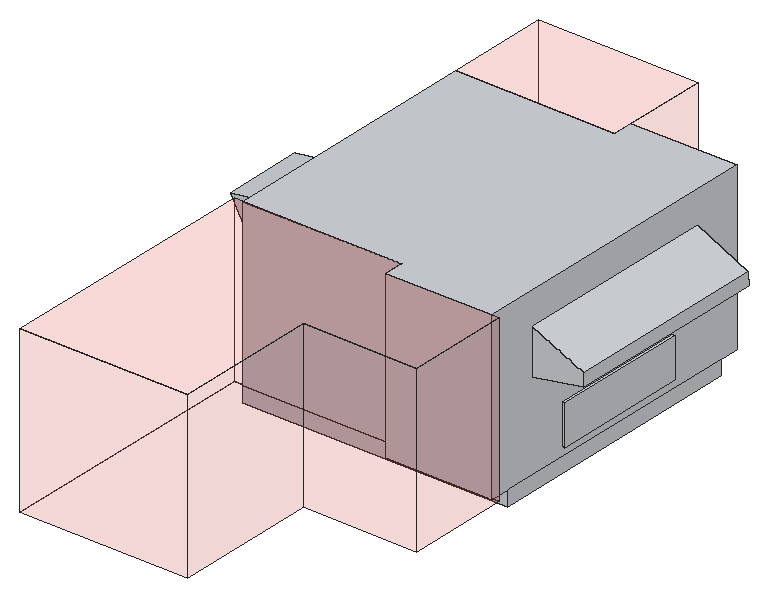
Revit family
Parameters (values of type "575 V Three Phase")
  XS4 [instance] = "XS4"
  XS3 [instance] = "XS3"
  XP5 [instance] = "XP5"
  XP4 [instance] = "XP4"
  XP3 [instance] = "XP3"
  XH5 [instance] = "XH5"
  XH4 [instance] = "XH4"
  XH3 [instance] = "XH3"
  XD4 [instance] = "XD4"
  XD3 [instance] = "XD3"
  XB6 [instance] = "XB6"
  XB4 [instance] = "XB4"
  XB3 [instance] = "XB3"
  Winter Exhaust RH Scheduled [instance] = 35
  Winter Exhaust DB Scheduled [instance] = 70
  Weight Scheduled [instance] = 1100
  Voltage Workaround = Voltage / 1 V  # 575
  Voltage Scheduled = Voltage  # 575 V
  Voltage = 575 V
  VoltAmps Workaround [instance] = Voltage Workaround * Total FLA * sqrt(Phase)  # 13743.8232
  VoltAmps [instance] = VoltAmps Workaround * 1 VA  # 13743.8 VA
  URL = "http://www.renewaire.com/products/doas/outdoor-models/rd4xrt"
  Total FLA [instance] = Supply Motor FLA + Exhaust Motor FLA  # 13.8
  Supply Motor HP Scheduled [instance] = Supply Motor HP  # 5
  Supply Motor HP [instance] = 5  # constant formula
  Supply Motor FLA [instance] = if(or(Voltage = 208 V, Voltage = 230 V), 18.6, if(Voltage = 460 V, 9.3, if(Voltage = 575 V, 6.9, 0)))  # 6.9
  Supply Motor Count Scheduled [instance] = Supply Motor Count  # 1
  Supply Motor Count [instance] = 1  # constant formula
  Supply ESP Scheduled [instance] = Supply ESP  # 1
  Supply ESP [instance] = 1
  Supply CFM Scheduled [instance] = Supply CFM  # 1600 CFM
  Supply CFM [instance] = 1600 CFM
  Supply Air Winter WB Scheduled [instance] = 0
  Supply Air Winter RH Scheduled [instance] = 0
  Supply Air Winter DB Scheduled [instance] = 0
  Supply Air Summer WB Scheduled [instance] = 0
  Supply Air Summer RH Scheduled [instance] = 0
  Supply Air Summer DB Scheduled [instance] = 0
  Summer Exhaust RH Scheduled [instance] = 50
  Summer Exhaust DB Scheduled [instance] = 75
  SD5 [instance] = "SD5"
  SD4 [instance] = "SD4"
  SD3 [instance] = "SD3"
  SC5 [instance] = "SC5"
  SC4 [instance] = "SC4"
  SC3 [instance] = "SC3"
  Phase Scheduled = Phase  # 3
  Phase = 3
  Outside Air Winter WB Scheduled [instance] = -1
  Outside Air Winter DB Scheduled [instance] = 0
  Outside Air Summer WB Scheduled [instance] = 78
  Outside Air Summer DB Scheduled [instance] = 95
  Number of Poles = 3
  No Coil [instance] = "--"
  Model = "RD4XRT"
  Manufacturer = "RenewAire"
  MOCP Scheduled [instance] = MOCP  # 20
  MOCP [instance] = if(and(or(Voltage = 208 V, Voltage = 230 V), Phase = 1), 50, if(and(Voltage = 460 V, Phase = 3), 25, if(and(Voltage = 575 V, Phase = 3), 20, 0)))  # 20
  MCA Scheduled [instance] = MCA  # 15.5
  MCA [instance] = if(and(or(Voltage = 208 V, Voltage = 230 V), Phase = 1), 41.8, if(and(Voltage = 460 V, Phase = 3), 20.9, if(and(Voltage = 575 V, Phase = 3), 15.5, 0)))  # 15.5
  Heating Water EWT Scheduled [instance] = Heating Coil EWT  # 180
  Heating Coil Scheduled [instance] = if(Heat Coil XB6, XB6, if(Heat Coil DV6, DV6, if(Heat Coil XB4, XB4, if(Heat Coil DV4, DV4, if(Heat Coil XB3, XB3, if(Heat Coil DV3, DV3, if(Heat Coil SC5, SC5, if(Heat Coil SD5, SD5, if(Heat Coil SC4, SC4, if(Heat Coil SD4, SD4, if(Heat Coil SC3, SC3, if(Heat Coil SD3, SD3, if(Heat Coil HW1, HW1, No Coil)))))))))))))  # "--"
  Heating Coil PD Scheduled [instance] = if(and(and(Winter Exhaust DB Scheduled = 70, Winter Exhaust RH Scheduled = 35), and(Outside Air Winter WB Scheduled = -1, Outside Air Winter DB Scheduled = 0)), if(or(Heat Coil SC5, Heat Coil SD5), if(Heating Water EWT Scheduled = 140, if(Supply CFM > 4000 CFM, 0, if(Supply CFM > 3000 CFM, 0.6, if(Supply CFM > 2000 CFM, 0.6, 0.6))), if(Heating Water EWT Scheduled = 180, if(Supply CFM > 4000 CFM, 0, if(Supply CFM > 3000 CFM, 0.6, if(Supply CFM > 2000 CFM, 0.6, 0.6))), 0)), if(or(Heat Coil SC4, Heat Coil SD4), if(Heating Water EWT Scheduled = 140, if(Supply CFM > 4000 CFM, 0, if(Supply CFM > 3000 CFM, 1.4, if(Supply CFM > 2000 CFM, 1.4, 1.4))), if(Heating Water EWT Scheduled = 180, if(Supply CFM > 4000 CFM, 0, if(Supply CFM > 3000 CFM, 1.4, if(Supply CFM > 2000 CFM, 1.4, 1.3))), 0)), if(or(Heat Coil SC3, Heat Coil SD3), if(Heating Water EWT Scheduled = 140, if(Supply CFM > 4000 CFM, 0, if(Supply CFM > 3000 CFM, 0.4, if(Supply CFM > 2000 CFM, 0.4, 0.4))), if(Heating Water EWT Scheduled = 180, if(Supply CFM > 4000 CFM, 0, if(Supply CFM > 3000 CFM, 0.4, if(Supply CFM > 2000 CFM, 0.4, 0.4))), 0)), if(Heat Coil HW1, if(Heating Water EWT Scheduled = 140, if(Supply CFM > 4000 CFM, 0, if(Supply CFM > 3000 CFM, 5.8, if(Supply CFM > 2000 CFM, 5.8, 5.8))), if(Heating Water EWT Scheduled = 180, if(Supply CFM > 4000 CFM, 0, if(Supply CFM > 3000 CFM, 5.7, if(Supply CFM > 2000 CFM, 5.7, 5.7))), 0)), 0)))), 0)  # 0
  Heating Coil Load Scheduled [instance] = if(and(and(Winter Exhaust DB Scheduled = 70, Winter Exhaust RH Scheduled = 35), and(Outside Air Winter WB Scheduled = -1, Outside Air Winter DB Scheduled = 0)), if(or(Heat Coil XB6, Heat Coil DV6), if(Supply CFM > 4000 CFM, 0, if(Supply CFM > 3000 CFM, 252, if(Supply CFM > 2000 CFM, 189, 131))), if(or(Heat Coil XB4, Heat Coil DV4), if(Supply CFM > 4000 CFM, 0, if(Supply CFM > 3000 CFM, 227, if(Supply CFM > 2000 CFM, 169, 137))), if(or(Heat Coil XB3, Heat Coil DV3), if(Supply CFM > 4000 CFM, 0, if(Supply CFM > 3000 CFM, 0, if(Supply CFM > 2000 CFM, 190, 126))), if(or(Heat Coil SC5, Heat Coil SD5), if(Heating Water EWT Scheduled = 140, if(Supply CFM > 4000 CFM, 0, if(Supply CFM > 3000 CFM, 310, if(Supply CFM > 2000 CFM, 245, 171))), if(Heating Water EWT Scheduled = 180, if(Supply CFM > 4000 CFM, 0, if(Supply CFM > 3000 CFM, 447, if(Supply CFM > 2000 CFM, 357, 251))), 0)), if(or(Heat Coil SC4, Heat Coil SD4), if(Heating Water EWT Scheduled = 140, if(Supply CFM > 4000 CFM, 0, if(Supply CFM > 3000 CFM, 294, if(Supply CFM > 2000 CFM, 234, 164))), if(Heating Water EWT Scheduled = 180, if(Supply CFM > 4000 CFM, 0, if(Supply CFM > 3000 CFM, 424, if(Supply CFM > 2000 CFM, 340, 241))), 0)), if(or(Heat Coil SC3, Heat Coil SD3), if(Heating Water EWT Scheduled = 140, if(Supply CFM > 4000 CFM, 0, if(Supply CFM > 3000 CFM, 256, if(Supply CFM > 2000 CFM, 208, 151))), if(Heating Water EWT Scheduled = 180, if(Supply CFM > 4000 CFM, 0, if(Supply CFM > 3000 CFM, 371, if(Supply CFM > 2000 CFM, 304, 223))), 0)), if(Heat Coil HW1, if(Heating Water EWT Scheduled = 140, if(Supply CFM > 4000 CFM, 0, if(Supply CFM > 3000 CFM, 158, if(Supply CFM > 2000 CFM, 135, 106))), if(Heating Water EWT Scheduled = 180, if(Supply CFM > 4000 CFM, 0, if(Supply CFM > 3000 CFM, 229, if(Supply CFM > 2000 CFM, 197, 157))), 0)), 0))))))), 0)  # 0
  Heating Coil LWT [instance] = 0
  Heating Coil LAT Scheduled [instance] = if(and(and(Winter Exhaust DB Scheduled = 70, Winter Exhaust RH Scheduled = 35), and(Outside Air Winter WB Scheduled = -1, Outside Air Winter DB Scheduled = 0)), if(or(Heat Coil XB6, Heat Coil DV6), if(Supply CFM > 4000 CFM, 0, if(Supply CFM > 3000 CFM, 104, if(Supply CFM > 2000 CFM, 107.6, 113.8))), if(or(Heat Coil XB4, Heat Coil DV4), if(Supply CFM > 4000 CFM, 0, if(Supply CFM > 3000 CFM, 98.3, if(Supply CFM > 1000 CFM, 101.7, 116.6))), if(or(Heat Coil XB3, Heat Coil DV3), if(Supply CFM > 4000 CFM, 0, if(Supply CFM > 3000 CFM, 0, if(Supply CFM > 2000 CFM, 107.9, 111.6))), if(or(Heat Coil SC5, Heat Coil SD5), if(Heating Water EWT Scheduled = 140, if(Supply CFM > 4000 CFM, 0, if(Supply CFM > 3000 CFM, 117.4, if(Supply CFM > 2000 CFM, 125.1, 132.2))), if(Heating Water EWT Scheduled = 180, if(Supply CFM > 4000 CFM, 0, if(Supply CFM > 3000 CFM, 149, if(Supply CFM > 2000 CFM, 159.4, 169.2))), 0)), if(or(Heat Coil SC4, Heat Coil SD4), if(Heating Water EWT Scheduled = 140, if(Supply CFM > 4000 CFM, 0, if(Supply CFM > 3000 CFM, 113.9, if(Supply CFM > 2000 CFM, 121.5, 129))), if(Heating Water EWT Scheduled = 180, if(Supply CFM > 4000 CFM, 0, if(Supply CFM > 3000 CFM, 143.7, if(Supply CFM > 2000 CFM, 154.1, 164.4))), 0)), if(or(Heat Coil SC3, Heat Coil SD3), if(Heating Water EWT Scheduled = 140, if(Supply CFM > 4000 CFM, 0, if(Supply CFM > 3000 CFM, 105, if(Supply CFM > 2000 CFM, 113.7, 123.2))), if(Heating Water EWT Scheduled = 180, if(Supply CFM > 4000 CFM, 0, if(Supply CFM > 3000 CFM, 131.5, if(Supply CFM > 2000 CFM, 143.2, 156.4))), 0)), if(Heat Coil HW1, if(Heating Water EWT Scheduled = 140, if(Supply CFM > 4000 CFM, 0, if(Supply CFM > 3000 CFM, 82.4, if(Supply CFM > 2000 CFM, 91, 102.3))), if(Heating Water EWT Scheduled = 180, if(Supply CFM > 4000 CFM, 0, if(Supply CFM > 3000 CFM, 98.7, if(Supply CFM > 2000 CFM, 110.1, 125.6))), 0)), 0))))))), 0)  # 0
  Heating Coil Fluid Type Scheduled [instance] = ""
  Heating Coil Flow Rate Scheduled [instance] = if(and(and(Winter Exhaust DB Scheduled = 70, Winter Exhaust RH Scheduled = 35), and(Outside Air Winter WB Scheduled = -1, Outside Air Winter DB Scheduled = 0)), if(or(Heat Coil SC5, Heat Coil SD5), if(Heating Water EWT Scheduled = 140, if(Supply CFM > 4000 CFM, 0, if(Supply CFM > 3000 CFM, 12.2, if(Supply CFM > 2000 CFM, 12.2, 12.2))), if(Heating Water EWT Scheduled = 180, if(Supply CFM > 4000 CFM, 0, if(Supply CFM > 3000 CFM, 12.3, if(Supply CFM > 2000 CFM, 12.3, 12.3))), 0)), if(or(Heat Coil SC4, Heat Coil SD4), if(Heating Water EWT Scheduled = 140, if(Supply CFM > 4000 CFM, 0, if(Supply CFM > 3000 CFM, 12.2, if(Supply CFM > 2000 CFM, 12.2, 12.2))), if(Heating Water EWT Scheduled = 180, if(Supply CFM > 4000 CFM, 0, if(Supply CFM > 3000 CFM, 12.3, if(Supply CFM > 2000 CFM, 12.3, 12.3))), 0)), if(or(Heat Coil SC3, Heat Coil SD3), if(Heating Water EWT Scheduled = 140, if(Supply CFM > 4000 CFM, 0, if(Supply CFM > 3000 CFM, 12.2, if(Supply CFM > 2000 CFM, 12.2, 12.2))), if(Heating Water EWT Scheduled = 180, if(Supply CFM > 4000 CFM, 0, if(Supply CFM > 3000 CFM, 12.3, if(Supply CFM > 2000 CFM, 12.3, 12.3))), 0)), if(Heat Coil HW1, if(Heating Water EWT Scheduled = 140, if(Supply CFM > 4000 CFM, 0, if(Supply CFM > 3000 CFM, 12.2, if(Supply CFM > 2000 CFM, 12.2, 12.2))), if(Heating Water EWT Scheduled = 180, if(Supply CFM > 4000 CFM, 0, if(Supply CFM > 3000 CFM, 12.3, if(Supply CFM > 2000 CFM, 12.3, 12.3))), 0)), 0)))), 0)  # 0
  Heating Coil EWT [instance] = 180
  Heat Coil XS4 [instance] = no
  Heat Coil XS3 [instance] = no
  Heat Coil XD4 [instance] = no
  Heat Coil XD3 [instance] = no
  Heat Coil XB6 [instance] = no
  Heat Coil XB4 [instance] = no
  Heat Coil XB3 [instance] = no
  Heat Coil SD5 [instance] = no
  Heat Coil SD4 [instance] = no
  Heat Coil SD3 [instance] = no
  Heat Coil SC5 [instance] = no
  Heat Coil SC4 [instance] = no
  Heat Coil SC3 [instance] = no
  Heat Coil HW1 [instance] = no
  Heat Coil DV6 [instance] = no
  Heat Coil DV4 [instance] = no
  Heat Coil DV3 [instance] = no
  HW1 [instance] = "HW1"
  HP4 [instance] = "HP4"
  HP3 [instance] = "HP3"
  FLA Scheduled [instance] = Total FLA  # 13.8
  Exhaust Motor HP Scheduled [instance] = Exhaust Motor HP  # 5
  Exhaust Motor HP [instance] = 5  # constant formula
  Exhaust Motor FLA [instance] = if(or(Voltage = 208 V, Voltage = 230 V), 18.6, if(Voltage = 460 V, 9.3, if(Voltage = 575 V, 6.9, 0)))  # 6.9
  Exhaust Motor Count Scheduled [instance] = Exhaust Motor Count  # 1
  Exhaust Motor Count [instance] = 1  # constant formula
  Exhaust ESP Scheduled [instance] = Exhaust ESP  # 1
  Exhaust ESP [instance] = 1
  Exhaust CFM Scheduled [instance] = Exhaust CFM  # 1500 CFM
  Exhaust CFM [instance] = 1500 CFM
  Enthalpy Effect Winter Scheduled [instance] = 0
  Enthalpy Effect Summer Scheduled [instance] = 0
  Effectiveness Total Winter Scheduled [instance] = 0
  Effectiveness Total Summer Scheduled [instance] = 0
  Effectiveness Sensible Winter Scheduled [instance] = 0
  Effectiveness Sensible Summer Scheduled [instance] = 0
  DX5 [instance] = "DX5"
  DX4 [instance] = "DX4"
  DX3 [instance] = "DX3"
  DV6 [instance] = "DV6"
  DV4 [instance] = "DV4"
  DV3 [instance] = "DV3"
  DU4 [instance] = "DU4"
  DU3 [instance] = "DU3"
  DP4 [instance] = "DP4"
  DP3 [instance] = "DP3"
  DH4 [instance] = "DH4"
  DH3 [instance] = "DH3"
  DD5 [instance] = "DD5"
  DD4 [instance] = "DD4"
  DD3 [instance] = "DD3"
  Cooling Coil Scheduled [instance] = if(Cool Coil DX5, DX5, if(Cool Coil DD5, DD5, if(Cool Coil XH5, XH5, if(Cool Coil XP5, XP5, if(Cool Coil DX4, DX4, if(Cool Coil DD4, DD4, if(Cool Coil XH4, XH4, if(Cool Coil XP4, XP4, if(Cool Coil DX3, DX3, if(Cool Coil DD3, DD3, if(Cool Coil XH3, XH3, if(Cool Coil XP3, XP3, if(Cool Coil DU4, DU4, if(Cool Coil DH4, DH4, if(Cool Coil DP4, DP4, if(Cool Coil HP4, HP4, if(Cool Coil DU3, DU3, if(Cool Coil DH3, DH3, if(Cool Coil DP3, DP3, if(Cool Coil HP3, HP3, if(Cool Coil XB6, XB6, if(Cool Coil DV6, DV6, if(Cool Coil XB4, XB4, if(Cool Coil DV4, DV4, if(Cool Coil XB3, XB3, if(Cool Coil DV3, DV3, if(Cool Coil CW5, CW5, if(Cool Coil CD5, CD5, if(Cool Coil CH5, CH5, if(Cool Coil BD5, BD5, if(Cool Coil SC5, SC5, if(Cool Coil SD5, SD5, if(Cool Coil CW4, CW4, if(Cool Coil CD4, CD4, if(Cool Coil CH4, CH4, if(Cool Coil BD4, BD4, if(Cool Coil SC4, SC4, if(Cool Coil SD4, SD4, if(Cool Coil CW3, CW3, if(Cool Coil CD3, CD3, if(Cool Coil CH3, CH3, if(Cool Coil BD3, BD3, if(Cool Coil SC3, SC3, if(Cool Coil SD3, SD3, No Coil))))))))))))))))))))))))))))))))))))))))))))  # "--"
  Cooling Coil PD [instance] = if(and(Summer Exhaust DB Scheduled = 75, Summer Exhaust RH Scheduled = 50), if(or(Cool Coil CW5, or(Cool Coil CD5, or(Cool Coil CH5, or(Cool Coil BD5, or(Cool Coil SC5, Cool Coil SD5))))), if(and(Outside Air Summer DB Scheduled = 95, Outside Air Summer WB Scheduled = 78), if(Supply CFM > 4000 CFM, 0, if(Supply CFM > 3000 CFM, 3.5, if(Supply CFM > 2000 CFM, 3.5, 1.7))), if(and(Outside Air Summer DB Scheduled = 88, Outside Air Summer WB Scheduled = 77), if(Supply CFM > 4000 CFM, 0, if(Supply CFM > 3000 CFM, 3.5, if(Supply CFM > 2000 CFM, 3.5, 1.7))), 0)), if(or(Cool Coil CW4, or(Cool Coil CD4, or(Cool Coil CH4, or(Cool Coil BD4, or(Cool Coil SC4, Cool Coil SD4))))), if(and(Outside Air Summer DB Scheduled = 95, Outside Air Summer WB Scheduled = 78), if(Supply CFM > 4000 CFM, 0, if(Supply CFM > 3000 CFM, 8.5, if(Supply CFM > 2000 CFM, 8.6, 4.1))), if(and(Outside Air Summer DB Scheduled = 88, Outside Air Summer WB Scheduled = 77), if(Supply CFM > 4000 CFM, 0, if(Supply CFM > 3000 CFM, 8.5, if(Supply CFM > 2000 CFM, 8.6, 4.1))), 0)), if(or(Cool Coil CW3, or(Cool Coil CD3, or(Cool Coil CH3, or(Cool Coil BD3, or(Cool Coil SC3, Cool Coil SD3))))), if(and(Outside Air Summer DB Scheduled = 95, Outside Air Summer WB Scheduled = 78), if(Supply CFM > 4000 CFM, 0, if(Supply CFM > 3000 CFM, 2.3, if(Supply CFM > 2000 CFM, 2.3, 2.3))), if(and(Outside Air Summer DB Scheduled = 88, Outside Air Summer WB Scheduled = 77), if(Supply CFM > 4000 CFM, 0, if(Supply CFM > 3000 CFM, 2.3, if(Supply CFM > 2000 CFM, 2.3, 2.3))), 0)), 0))), 0)  # 0
  Cooling Coil Load Scheduled [instance] = if(and(Summer Exhaust DB Scheduled = 75, Summer Exhaust RH Scheduled = 50), if(or(Cool Coil DX5, or(Cool Coil DD5, or(Cool Coil XH5, Cool Coil XP5))), if(and(Outside Air Summer DB Scheduled = 95, Outside Air Summer WB Scheduled = 78), if(Supply CFM > 4000 CFM, 0, if(Supply CFM > 3000 CFM, 269, if(Supply CFM > 2000 CFM, 211, 148))), if(and(Outside Air Summer DB Scheduled = 88, Outside Air Summer WB Scheduled = 77), if(Supply CFM > 4000 CFM, 0, if(Supply CFM > 3000 CFM, 268, if(Supply CFM > 2000 CFM, 211, 147))), 0)), if(or(Cool Coil DX4, or(Cool Coil DD4, or(Cool Coil XH4, Cool Coil XP4))), if(and(Outside Air Summer DB Scheduled = 95, Outside Air Summer WB Scheduled = 78), if(Supply CFM > 4000 CFM, 0, if(Supply CFM > 3000 CFM, 260, if(Supply CFM > 2000 CFM, 204, 144))), if(and(Outside Air Summer DB Scheduled = 88, Outside Air Summer WB Scheduled = 77), if(Supply CFM > 4000 CFM, 0, if(Supply CFM > 3000 CFM, 259, if(Supply CFM > 2000 CFM, 204, 142))), 0)), if(or(Cool Coil DX3, or(Cool Coil DD3, or(Cool Coil XH3, Cool Coil XP3))), if(and(Outside Air Summer DB Scheduled = 95, Outside Air Summer WB Scheduled = 78), if(Supply CFM > 4000 CFM, 0, if(Supply CFM > 3000 CFM, 243, 191)), if(and(Outside Air Summer DB Scheduled = 88, Outside Air Summer WB Scheduled = 77), if(Supply CFM > 4000 CFM, 0, if(Supply CFM > 3000 CFM, 242, 190)), 0)), if(or(Cool Coil DU4, or(Cool Coil DH4, or(Cool Coil DP4, Cool Coil HP4))), if(and(Outside Air Summer DB Scheduled = 95, Outside Air Summer WB Scheduled = 78), if(Supply CFM > 4000 CFM, 0, if(Supply CFM > 3000 CFM, 266, if(Supply CFM > 2000 CFM, 208, 146))), if(and(Outside Air Summer DB Scheduled = 88, Outside Air Summer WB Scheduled = 77), if(Supply CFM > 4000 CFM, 0, if(Supply CFM > 3000 CFM, 265, if(Supply CFM > 2000 CFM, 207, 144))), 0)), if(or(Cool Coil DU3, or(Cool Coil DH3, or(Cool Coil DP3, Cool Coil HP3))), if(and(Outside Air Summer DB Scheduled = 95, Outside Air Summer WB Scheduled = 78), if(Supply CFM > 4000 CFM, 0, if(Supply CFM > 3000 CFM, 232, if(Supply CFM > 2000 CFM, 183, 130))), if(and(Outside Air Summer DB Scheduled = 88, Outside Air Summer WB Scheduled = 77), if(Supply CFM > 4000 CFM, 0, if(Supply CFM > 3000 CFM, 231, if(Supply CFM > 2000 CFM, 182, 129))), 0)), if(or(Cool Coil XB6, Cool Coil DV6), if(and(Outside Air Summer DB Scheduled = 95, Outside Air Summer WB Scheduled = 78), if(Supply CFM > 4000 CFM, 0, if(Supply CFM > 3000 CFM, 275, if(Supply CFM > 2000 CFM, 214, 149))), if(and(Outside Air Summer DB Scheduled = 88, Outside Air Summer WB Scheduled = 77), if(Supply CFM > 4000 CFM, 0, if(Supply CFM > 3000 CFM, 273, if(Supply CFM > 2000 CFM, 213, 147))), 0)), if(or(Cool Coil XB4, Cool Coil DV4), if(and(Outside Air Summer DB Scheduled = 95, Outside Air Summer WB Scheduled = 78), if(Supply CFM > 4000 CFM, 0, if(Supply CFM > 3000 CFM, 257, if(Supply CFM > 2000 CFM, 200, 141))), if(and(Outside Air Summer DB Scheduled = 88, Outside Air Summer WB Scheduled = 77), if(Supply CFM > 4000 CFM, 0, if(Supply CFM > 3000 CFM, 256, if(Supply CFM > 2000 CFM, 199, 140))), 0)), if(or(Cool Coil XB3, Cool Coil DV3), if(and(Outside Air Summer DB Scheduled = 95, Outside Air Summer WB Scheduled = 78), if(Supply CFM > 3000 CFM, 0, if(Supply CFM > 2000 CFM, 186, 135)), if(and(Outside Air Summer DB Scheduled = 88, Outside Air Summer WB Scheduled = 77), if(Supply CFM > 3000 CFM, 0, if(Supply CFM > 2000 CFM, 186, 134)), 0)), if(or(Cool Coil CW5, or(Cool Coil CD5, or(Cool Coil CH5, or(Cool Coil BD5, or(Cool Coil SC5, Cool Coil SD5))))), if(and(Outside Air Summer DB Scheduled = 95, Outside Air Summer WB Scheduled = 78), if(Supply CFM > 4000 CFM, 0, if(Supply CFM > 3000 CFM, 225, if(Supply CFM > 2000 CFM, 184, 124))), if(and(Outside Air Summer DB Scheduled = 88, Outside Air Summer WB Scheduled = 77), if(Supply CFM > 4000 CFM, 0, if(Supply CFM > 3000 CFM, 225, if(Supply CFM > 2000 CFM, 184, 123))), 0)), if(or(Cool Coil CW4, or(Cool Coil CD4, or(Cool Coil CH4, or(Cool Coil BD4, or(Cool Coil SC4, Cool Coil SD4))))), if(and(Outside Air Summer DB Scheduled = 95, Outside Air Summer WB Scheduled = 78), if(Supply CFM > 4000 CFM, 0, if(Supply CFM > 3000 CFM, 215, if(Supply CFM > 2000 CFM, 176, 119))), if(and(Outside Air Summer DB Scheduled = 88, Outside Air Summer WB Scheduled = 77), if(Supply CFM > 4000 CFM, 0, if(Supply CFM > 3000 CFM, 214, if(Supply CFM > 2000 CFM, 175, 118))), 0)), if(or(Cool Coil CW3, or(Cool Coil CD3, or(Cool Coil CH3, or(Cool Coil BD3, or(Cool Coil SC3, Cool Coil SD3))))), if(and(Outside Air Summer DB Scheduled = 95, Outside Air Summer WB Scheduled = 78), if(Supply CFM > 4000 CFM, 0, if(Supply CFM > 3000 CFM, 179, if(Supply CFM > 2000 CFM, 150, 113))), if(and(Outside Air Summer DB Scheduled = 88, Outside Air Summer WB Scheduled = 77), if(Supply CFM > 4000 CFM, 0, if(Supply CFM > 3000 CFM, 178, if(Supply CFM > 2000 CFM, 149, 113))), 0)), 0))))))))))), 0)  # 0
  Cooling Coil LWT [instance] = 55
  Cooling Coil LAT Scheduled [instance] = if(and(Summer Exhaust DB Scheduled = 75, Summer Exhaust RH Scheduled = 50), if(or(Cool Coil DX5, or(Cool Coil DD5, or(Cool Coil XH5, Cool Coil XP5))), if(and(Outside Air Summer DB Scheduled = 95, Outside Air Summer WB Scheduled = 78), if(Supply CFM > 4000 CFM, 0, if(Supply CFM > 3000 CFM, 51.8, if(Supply CFM > 2000 CFM, 48.9, 45.7))), if(and(Outside Air Summer DB Scheduled = 88, Outside Air Summer WB Scheduled = 77), if(Supply CFM > 4000 CFM, 0, if(Supply CFM > 3000 CFM, 51.7, if(Supply CFM > 2000 CFM, 48.8, 45.6))), 0)), if(or(Cool Coil DX4, or(Cool Coil DD4, or(Cool Coil XH4, Cool Coil XP4))), if(and(Outside Air Summer DB Scheduled = 95, Outside Air Summer WB Scheduled = 78), if(Supply CFM > 4000 CFM, 0, if(Supply CFM > 3000 CFM, 52.7, if(Supply CFM > 2000 CFM, 49.9, 46.7))), if(and(Outside Air Summer DB Scheduled = 88, Outside Air Summer WB Scheduled = 77), if(Supply CFM > 4000 CFM, 0, if(Supply CFM > 3000 CFM, 52.6, if(Supply CFM > 2000 CFM, 49.8, 46.6))), 0)), if(or(Cool Coil DX3, or(Cool Coil DD3, or(Cool Coil XH3, Cool Coil XP3))), if(and(Outside Air Summer DB Scheduled = 95, Outside Air Summer WB Scheduled = 78), if(Supply CFM > 4000 CFM, 0, if(Supply CFM > 3000 CFM, 54.4, 51.8)), if(and(Outside Air Summer DB Scheduled = 88, Outside Air Summer WB Scheduled = 77), if(Supply CFM > 4000 CFM, 0, if(Supply CFM > 3000 CFM, 54.3, 51.7)), 0)), if(or(Cool Coil DU4, or(Cool Coil DH4, or(Cool Coil DP4, Cool Coil HP4))), if(and(Outside Air Summer DB Scheduled = 95, Outside Air Summer WB Scheduled = 78), if(Supply CFM > 4000 CFM, 0, if(Supply CFM > 3000 CFM, 52.1, if(Supply CFM > 2000 CFM, 49.3, 46.2))), if(and(Outside Air Summer DB Scheduled = 88, Outside Air Summer WB Scheduled = 77), if(Supply CFM > 4000 CFM, 0, if(Supply CFM > 3000 CFM, 52, if(Supply CFM > 2000 CFM, 49.3, 46.1))), 0)), if(or(Cool Coil DU3, or(Cool Coil DH3, or(Cool Coil DP3, Cool Coil HP3))), if(and(Outside Air Summer DB Scheduled = 95, Outside Air Summer WB Scheduled = 78), if(Supply CFM > 4000 CFM, 0, if(Supply CFM > 3000 CFM, 55.8, if(Supply CFM > 2000 CFM, 53.1, 49.7))), if(and(Outside Air Summer DB Scheduled = 88, Outside Air Summer WB Scheduled = 77), if(Supply CFM > 4000 CFM, 0, if(Supply CFM > 3000 CFM, 55.6, if(Supply CFM > 2000 CFM, 52.9, 49.6))), 0)), if(or(Cool Coil XB6, Cool Coil DV6), if(and(Outside Air Summer DB Scheduled = 95, Outside Air Summer WB Scheduled = 78), if(Supply CFM > 4000 CFM, 0, if(Supply CFM > 3000 CFM, 51.5, if(Supply CFM > 2000 CFM, 48.7, 45.6))), if(and(Outside Air Summer DB Scheduled = 88, Outside Air Summer WB Scheduled = 77), if(Supply CFM > 4000 CFM, 0, if(Supply CFM > 3000 CFM, 51.3, if(Supply CFM > 2000 CFM, 48.6, 45.6))), 0)), if(or(Cool Coil XB4, Cool Coil DV4), if(and(Outside Air Summer DB Scheduled = 95, Outside Air Summer WB Scheduled = 78), if(Supply CFM > 4000 CFM, 0, if(Supply CFM > 3000 CFM, 53.2, if(Supply CFM > 2000 CFM, 50.6, 47.3))), if(and(Outside Air Summer DB Scheduled = 88, Outside Air Summer WB Scheduled = 77), if(Supply CFM > 4000 CFM, 0, if(Supply CFM > 2000 CFM, 53, if(Supply CFM > 2000 CFM, 50.5, 47.2))), 0)), if(or(Cool Coil XB3, Cool Coil DV3), if(and(Outside Air Summer DB Scheduled = 95, Outside Air Summer WB Scheduled = 78), if(Supply CFM > 3000 CFM, 0, if(Supply CFM > 2000 CFM, 52.6, 48.7)), if(and(Outside Air Summer DB Scheduled = 88, Outside Air Summer WB Scheduled = 77), if(Supply CFM > 3000 CFM, 0, if(Supply CFM > 2000 CFM, 52.4, 48.6)), 0)), if(or(Cool Coil CW5, or(Cool Coil CD5, or(Cool Coil CH5, or(Cool Coil BD5, or(Cool Coil SC5, Cool Coil SD5))))), if(and(Outside Air Summer DB Scheduled = 95, Outside Air Summer WB Scheduled = 78), if(Supply CFM > 4000 CFM, 0, if(Supply CFM > 3000 CFM, 55.7, if(Supply CFM > 2000 CFM, 52.4, 50.7))), if(and(Outside Air Summer DB Scheduled = 88, Outside Air Summer WB Scheduled = 77), if(Supply CFM > 4000 CFM, 0, if(Supply CFM > 3000 CFM, 55.5, if(Supply CFM > 2000 CFM, 52.3, 50.6))), 0)), if(or(Cool Coil CW4, or(Cool Coil CD4, or(Cool Coil CH4, or(Cool Coil BD4, or(Cool Coil SC4, Cool Coil SD4))))), if(and(Outside Air Summer DB Scheduled = 95, Outside Air Summer WB Scheduled = 78), if(Supply CFM > 4000 CFM, 0, if(Supply CFM > 3000 CFM, 56.8, if(Supply CFM > 2000 CFM, 53.6, 51.8))), if(and(Outside Air Summer DB Scheduled = 88, Outside Air Summer WB Scheduled = 77), if(Supply CFM > 4000 CFM, 0, if(Supply CFM > 3000 CFM, 56.6, if(Supply CFM > 2000 CFM, 53.5, 51.7))), 0)), if(or(Cool Coil CW3, or(Cool Coil CD3, or(Cool Coil CH3, or(Cool Coil BD3, or(Cool Coil SC3, Cool Coil SD3))))), if(and(Outside Air Summer DB Scheduled = 95, Outside Air Summer WB Scheduled = 78), if(Supply CFM > 4000 CFM, 0, if(Supply CFM > 3000 CFM, 60.4, if(Supply CFM > 2000 CFM, 57.2, 53.1))), if(and(Outside Air Summer DB Scheduled = 88, Outside Air Summer WB Scheduled = 77), if(Supply CFM > 4000 CFM, 0, if(Supply CFM > 3000 CFM, 60.1, if(Supply CFM > 2000 CFM, 56.9, 52.9))), 0)), 0))))))))))), 0)  # 0
  Cooling Coil Fluid Type Scheduled [instance] = ""
  Cooling Coil Flow Rate Scheduled [instance] = if(and(Summer Exhaust DB Scheduled = 75, Summer Exhaust RH Scheduled = 50), if(or(Cool Coil CW5, or(Cool Coil CD5, or(Cool Coil CH5, or(Cool Coil BD5, or(Cool Coil SC5, Cool Coil SD5))))), if(and(Outside Air Summer DB Scheduled = 95, Outside Air Summer WB Scheduled = 78), if(Supply CFM > 4000 CFM, 0, if(Supply CFM > 3000 CFM, 30, if(Supply CFM > 2000 CFM, 30, 20))), if(and(Outside Air Summer DB Scheduled = 88, Outside Air Summer WB Scheduled = 77), if(Supply CFM > 4000 CFM, 0, if(Supply CFM > 3000 CFM, 30, if(Supply CFM > 2000 CFM, 30, 20))), 0)), if(or(Cool Coil CW4, or(Cool Coil CD4, or(Cool Coil CH4, or(Cool Coil BD4, or(Cool Coil SC4, Cool Coil SD4))))), if(and(Outside Air Summer DB Scheduled = 95, Outside Air Summer WB Scheduled = 78), if(Supply CFM > 4000 CFM, 0, if(Supply CFM > 3000 CFM, 30, if(Supply CFM > 2000 CFM, 30, 20))), if(and(Outside Air Summer DB Scheduled = 88, Outside Air Summer WB Scheduled = 77), if(Supply CFM > 4000 CFM, 0, if(Supply CFM > 3000 CFM, 30, if(Supply CFM > 2000 CFM, 30, 20))), 0)), if(or(Cool Coil CW3, or(Cool Coil CD3, or(Cool Coil CH3, or(Cool Coil BD3, or(Cool Coil SC3, Cool Coil SD3))))), if(and(Outside Air Summer DB Scheduled = 95, Outside Air Summer WB Scheduled = 78), if(Supply CFM > 4000 CFM, 0, if(Supply CFM > 3000 CFM, 30, if(Supply CFM > 2000 CFM, 30, 30))), if(and(Outside Air Summer DB Scheduled = 88, Outside Air Summer WB Scheduled = 77), if(Supply CFM > 4000 CFM, 0, if(Supply CFM > 3000 CFM, 30, if(Supply CFM > 2000 CFM, 30, 30))), 0)), 0))), 0)  # 0
  Cooling Coil EWT [instance] = 45
  Cool Coil XS4 [instance] = no
  Cool Coil XS3 [instance] = no
  Cool Coil XP5 [instance] = no
  Cool Coil XP4 [instance] = no
  Cool Coil XP3 [instance] = no
  Cool Coil XH5 [instance] = no
  Cool Coil XH4 [instance] = no
  Cool Coil XH3 [instance] = no
  Cool Coil XD4 [instance] = no
  Cool Coil XD3 [instance] = no
  Cool Coil XB6 [instance] = no
  Cool Coil XB4 [instance] = no
  Cool Coil XB3 [instance] = no
  Cool Coil SD5 [instance] = no
  Cool Coil SD4 [instance] = no
  Cool Coil SD3 [instance] = no
  Cool Coil SC5 [instance] = no
  Cool Coil SC4 [instance] = no
  Cool Coil SC3 [instance] = no
  Cool Coil HP4 [instance] = no
  Cool Coil HP3 [instance] = no
  Cool Coil DX5 [instance] = no
  Cool Coil DX4 [instance] = no
  Cool Coil DX3 [instance] = no
  Cool Coil DV6 [instance] = no
  Cool Coil DV4 [instance] = no
  Cool Coil DV3 [instance] = no
  Cool Coil DU4 [instance] = no
  Cool Coil DU3 [instance] = no
  Cool Coil DP4 [instance] = no
  Cool Coil DP3 [instance] = no
  Cool Coil DH4 [instance] = no
  Cool Coil DH3 [instance] = no
  Cool Coil DD5 [instance] = no
  Cool Coil DD4 [instance] = no
  Cool Coil DD3 [instance] = no
  Cool Coil CW5 [instance] = no
  Cool Coil CW4 [instance] = no
  Cool Coil CW3 [instance] = no
  Cool Coil CH5 [instance] = no
  Cool Coil CH4 [instance] = no
  Cool Coil CH3 [instance] = no
  Cool Coil CD5 [instance] = no
  Cool Coil CD4 [instance] = no
  Cool Coil CD3 [instance] = no
  Cool Coil BD5 [instance] = no
  Cool Coil BD4 [instance] = no
  Cool Coil BD3 [instance] = no
  CW5 [instance] = "CW5"
  CW4 [instance] = "CW4"
  CW3 [instance] = "CW3"
  CH5 [instance] = "CH5"
  CH4 [instance] = "CH4"
  CH3 [instance] = "CH3"
  CD5 [instance] = "CD5"
  CD4 [instance] = "CD4"
  CD3 [instance] = "CD3"
  BD5 [instance] = "BD5"
  BD4 [instance] = "BD4"
  BD3 [instance] = "BD3"
Types (5): name | Voltage Workaround | Voltage Scheduled | Voltage | VoltAmps Workaround | VoltAmps | URL | Total FLA | Supply Motor FLA | Model | MOCP Scheduled | MOCP | MCA Scheduled | MCA | FLA Scheduled | Exhaust Motor FLA
  (no name) | 575 | 575 V | 575 V | 13743.8232 | 13743.8 VA | "http://www.renewaire.com/products/doas/outdoor-models/rd4xrt" | 13.8 | 6.9 | "RD4XRT" | 20 | 20 | 15.5 | 15.5 | 13.8 | 6.9
  208 V Three Phase | 208 | 208 V | 208 V | 13401.9163 | 13401.9 VA | "http://www.renewaire.com/products/doas/indoor-models/rd4xin" | 37.2 | 18.6 | "RE4XIN" | 0 | 0 | 0 | 0 | 37.2 | 18.6
  230 V Three Phase | 230 | 230 V | 230 V | 14819.4267 | 14819.4 VA | "http://www.renewaire.com/products/doas/indoor-models/rd4xin" | 37.2 | 18.6 | "RE4XIN" | 0 | 0 | 0 | 0 | 37.2 | 18.6
  460 V Three Phase | 460 | 460 V | 460 V | 14819.4267 | 14819.4 VA | "http://www.renewaire.com/products/doas/indoor-models/rd4xin" | 18.6 | 9.3 | "RE4XIN" | 25 | 25 | 20.9 | 20.9 | 18.6 | 9.3
  575 V Three Phase | 575 | 575 V | 575 V | 13743.8232 | 13743.8 VA | "http://www.renewaire.com/products/doas/outdoor-models/rd4xrt" | 13.8 | 6.9 | "RD4XRT" | 20 | 20 | 15.5 | 15.5 | 13.8 | 6.9
Reference planes (in)
  plane 1 "Center (Front/Back)": y = 0
  plane 2: z = 0
  plane 3 "Center (Left/Right)": x = 0
Forms (in)
  Extrusion 1, solid
    sketch origin (0, 0, 0) x (1, 0, 0) y (0, 1, 0)
      loop
        line (-44.75, 46.5625) -> (-44.75, -46.5625) -> (11, -46.5625) -> (11, -53.6875) -> (48, -53.6875) -> (48, 53.6875) -> (11, 53.6875) -> (11, 46.5625) -> (-44.75, 46.5625)
    from 5.25 to 63.125
  Extrusion 2, solid
    sketch origin (0, -1, 0) x (1, 0, 0) y (0, 1, 0)
      loop
        line (-44.75, 47.5625) -> (-44.75, -45.5625) -> (48, -45.5625) -> (48, 47.5625) -> (-44.75, 47.5625)
    from 0 to 5.25
  Extrusion 3, solid
    sketch origin (0, -1, 0.5) x (0, 1, 0) y (0, 0, 1)
      loop
        line (12.375, 7.125) -> (12.375, 21.125) -> (-11.625, 21.125) -> (-11.625, 7.125) -> (12.375, 7.125)
    from 44.75 to 46
  Extrusion 4, solid
    sketch origin (0, 0, 0) x (0, 1, 0) y (0, 0, -1)
      loop
        line (6.3125, -6.625) -> (-21.6875, -6.625) -> (-21.6875, -26.625) -> (6.3125, -26.625) -> (6.3125, -6.625)
    from 44.75 to 46
  Extrusion 5, solid
    sketch origin (-3.25, -28.375, 0) x (1, 0, 0) y (0, 1, 0)
      loop
        line (-44.5, -18.1875) -> (-44.5, -111.9375) -> (14.25, -111.9375) -> (14.25, -61.4375) -> (54, -61.4375) -> (54, -25.3125) -> (14.25, -25.3125) -> (14.25, -18.1875) -> (-44.5, -18.1875)
    from 5.5 to 63.125
  Extrusion 6, solid
    sketch origin (0, 0, 0) x (1, 0, 0) y (0, 0, 1)
      loop
        line (-44.75, 50) -> (-68.875, 46.55257) -> (-62.45963, 33.88719) -> (-44.75, 33.88719) -> (-44.75, 50)
    from -6.3125 to 21.6875
  Extrusion 7, solid
    sketch origin (0, 0, -1) x (1, 0, 0) y (0, 0, 1)
      loop
        line (48, 53.125) -> (48, 37.17548) -> (66.125, 40.37141) -> (66.125, 44.67317) -> (48, 53.125)
    from -36 to 36
  Extrusion 8, solid
    sketch origin (-3.25, 124.9375, 0) x (1, 0, 0) y (0, 1, 0)
      loop
        line (-41.5, -41.875) -> (-41.5, -78.375) -> (14.25, -78.375) -> (14.25, -41.875) -> (-41.5, -41.875)
    from 5.5 to 63.125
  Extrusion 9, solid
    sketch origin (0, 0, 0) x (0, 1, 0) y (0, 0, 1)
      loop
        line (-23.0625, 22.625) -> (-23.0625, 8.625) -> (24.9375, 8.625) -> (24.9375, 22.625) -> (-23.0625, 22.625)
    from 48 to 49.25
  Extrusion 10, solid
    sketch origin (0, 0, 0) x (0, 1, 0) y (0, 0, 1)
      loop
        circle (-36.2553, 38.33021) r 0.875
    from -45.25 to -44.75
Lines and regions (in)
  Split face 1
    outline origin (28.78388, 46.5625, 0) x (0, -1, 0) y (1, 0, 0)
      loop
        line (42.8125, -67.53388) -> (66.8125, -67.53388) -> (66.8125, -43.53388) -> (42.8125, -43.53388) -> (42.8125, -67.53388)
  Split face 2
    outline origin (28.78388, 46.5625, 0) x (0, -1, 0) y (1, 0, 0)
      loop
        line (70.5625, 2.21612) -> (70.5625, 16.21612) -> (22.5625, 16.21612) -> (22.5625, 2.21612) -> (70.5625, 2.21612)
Dimensions and locks (in)
  Extrusion 1 sketch curve to Extrusion 1 sketch curve = 7' - 9 1/8"
Connectors (in)
  hvac at (49.25, 0.9375, 15.625)
    settings: on Extrusion 9, index 12, duct flow 0 CFM, flow factor 0, pres drop 0.00 in-wg, loss coef 0, conn angle 0.00°, conn width 48", conn height 14", conn radius 12", duct sys type 2, conn prof type 1, flow config 0, flow direction 1, loss method 0, conn ref index -1, conn util no, is conn primary no, conn desc ""
  hvac at (38, 0, 0)
    settings: on Extrusion 2, index 13, duct flow 0 CFM, flow factor 0, pres drop 0.00 in-wg, loss coef 0, conn angle 0.00°, conn width 14", conn height 48", conn radius 12", duct sys type 2, conn prof type 1, flow config 0, flow direction 1, loss method 0, conn ref index -1, conn util no, is conn primary no, conn desc ""
  hvac at (-26.75, -8.25, 0)
    settings: on Extrusion 2, index 14, duct flow 0 CFM, flow factor 0, pres drop 0.00 in-wg, loss coef 0, conn angle 0.00°, conn width 24", conn height 24", conn radius 12", duct sys type 1, conn prof type 1, flow config 0, flow direction 2, loss method 0, conn ref index -1, conn util no, is conn primary no, conn desc ""
  hvac at (-46, -7.6875, 16.625)
    settings: on Extrusion 4, index 15, duct flow 0 CFM, flow factor 0, pres drop 0.00 in-wg, loss coef 0, conn angle 0.00°, conn width 28", conn height 20", conn radius 12", duct sys type 1, conn prof type 1, flow config 0, flow direction 2, loss method 0, conn ref index -1, conn util no, is conn primary no, conn desc ""
  electrical at (-45.25, -36.2553, 38.33021), driven by "Number of Poles", driven by "Voltage", driven by "VoltAmps"
    settings: on Extrusion 10, index 16, voltage 575 V, apparent load 13743.8 VA, apparent load phase1 0 VA, apparent load phase2 0 VA, apparent load phase3 0 VA, power factor 1, load classification "HVAC", number of poles 3, system type 30, power factor state 1, is connector primary yes, connector utility no, sub classification motor no, connector description ""
